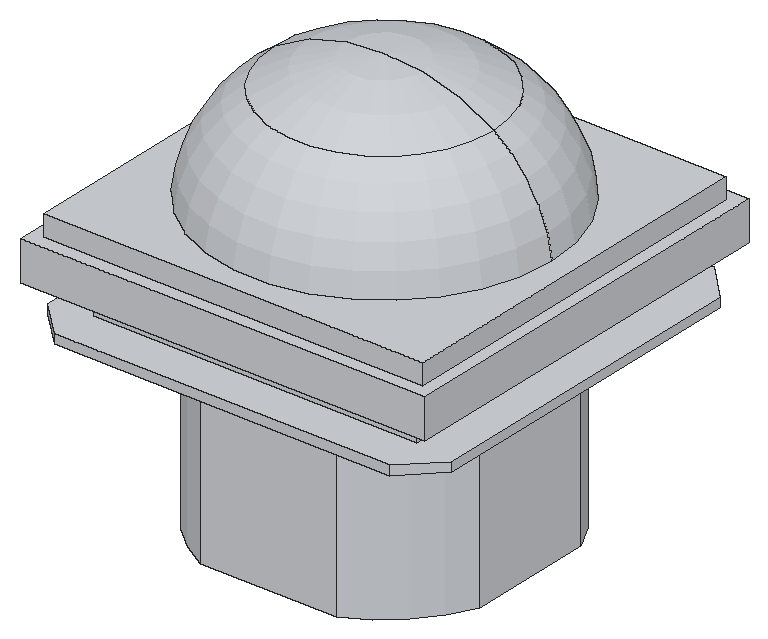
Revit family "Gira_126565", category Electrical Fixtures, host Face, Revit 2017
Family settings
  Host = Face
  Maintain Annotation Orientation = Yes
  Round Connector Dimension = Use Diameter
  Part Type = Normal
  Cut with Voids When Loaded = No
  Shared = No
  Room Calculation Point = No
Parameters (values of type "Farbkamera Türstation Gira TX_44 (WG UP) F Alu")
  Werkstoff = "sonstige"
  URL = "http://katalog.gira.de/de_DE/datenblatt.html?artikelnr=126565"
  Region = "DE"
  Name = "Farbkamera Türstation Gira TX_44 (WG UP) F Alu"
  Montageart = "Einbau"
  Manufacturer URL = "https://www.gira.de/"
  Keynote = "TX44_Komplettgerät_Kamera"
  Installationstechnik = "Bus-System"
  HeinzeBIM = "https://bimportal.heinze.de/bim/farbkamera-tuerstation-gira-tx-44-wg-up-f-alu/9446103d02192e686a8e3b5e2b5bfbfa6e29ccbf"
  HAN = "126565"
  GTIN = "4010337265658"
  Farbe = "silber"
  Default Elevation = 1219.2 mm
  Data sheet (1) = "https://katalog.gira.de/de_DE/download.html?artikelnr=126565"
  Category = "Externe Kamera für Türkommunikation"
  Available = "Yes"
Reference planes
  plane 1 "Center (Front/Back)": y = 0
  plane 2: z = 0
  plane 3 "Center (Left/Right)": x = 0
Forms (mm)
  Revolve 1, solid, detail levels fine
    sketch origin (0, 0, 0) x (1, 0, 0) y (0, 0, 1)
      loop
        arc (0, 32.748) -> (-9.934, 31.444) -> (-19.061, 27.309) r 34.111
        arc (-19.061, 27.309) -> (-26.095, 20.079) -> (-29.256, 10.5) r 22.465
        line (-29.256, 10.5) -> (0, 10.5) -> (0, 32.748)
      axis (0, 32.748) -> (0, 10.5)
    angle from 0 to 360
  Extrusion 2, solid, detail levels fine
    sketch origin (0, 0, 0) x (1, 0, 0) y (0, 1, 0)
      loop
        line (-33.15, 33.15) -> (-33.15, -33.15) -> (33.15, -33.15) -> (33.15, 33.15) -> (-33.15, 33.15)
    from 6.9 to 10.5
  Extrusion 3, solid, detail levels fine
    sketch origin (0, 0, 0) x (1, 0, 0) y (0, 1, 0)
      loop
        line (-35.383, -35.464) -> (35.383, -35.464) -> (35.383, 35.383) -> (-35.383, 35.383) -> (-35.383, -35.464)
    from 0 to 6.9
  Extrusion 4, solid, detail levels fine
    sketch origin (0, 0, 0) x (1, 0, 0) y (0, 1, 0)
      loop
        line (-25.6, 11.011) -> (-25.6, -11.175)
        arc (-25.6, -11.175) -> (-20.039, -19.494) -> (-11.9, -25.317) r 27.9
        line (-11.9, -25.317) -> (11.9, -25.317)
        arc (11.9, -25.317) -> (20.039, -19.494) -> (25.6, -11.175) r 27.9
        line (25.6, -11.175) -> (25.6, 11.011)
        arc (25.6, 11.011) -> (19.903, 19.47) -> (11.547, 25.317) r 27.9
        line (11.547, 25.317) -> (-11.547, 25.317)
        arc (-11.547, 25.317) -> (-19.903, 19.47) -> (-25.6, 11.011) r 27.9
    from -40.35 to -7.55
  Extrusion 5, solid, detail levels fine
    sketch origin (0, 0, 0) x (1, 0, 0) y (0, 1, 0)
      loop
        line (-29.35, 35.268) -> (-35.35, 29.268) -> (-35.35, -29.432) -> (-29.35, -35.432) -> (29.35, -35.432) -> (35.35, -29.432) -> (35.35, 29.268) -> (29.35, 35.268) -> (-29.35, 35.268)
    from -7.55 to -5.95
  Extrusion 6, solid, detail levels medium+fine
    sketch origin (0, 0, 0) x (1, 0, 0) y (0, 1, 0)
      loop
        line (-28.231, 28.231) -> (-28.231, -28.231) -> (28.231, -28.231) -> (28.231, 28.231) -> (-28.231, 28.231)
    from -5.95 to 0
  Extrusion 7, solid, detail levels fine
    sketch origin (0, 0, 0) x (1, 0, 0) y (0, 0, 1)
      loop
        line (-7.147, -40.35) -> (-7.147, -46.05) -> (7.153, -46.05) -> (7.153, -40.35) -> (-7.147, -40.35)
    from -22.856 to -17.807
  Extrusion 8, solid, detail levels medium
    sketch origin (0, 0, 0) x (1, 0, 0) y (0, 1, 0)
      loop
        line (-25.6, -25.317) -> (25.6, -25.317) -> (25.6, 25.317) -> (-25.6, 25.317) -> (-25.6, -25.317)
    from -46.05 to -7.55
  Extrusion 9, solid, detail levels medium
    sketch origin (0, 0, 0) x (1, 0, 0) y (0, 1, 0)
      loop
        line (35.35, 35.268) -> (-35.35, 35.268) -> (-35.35, -35.432) -> (35.35, -35.432) -> (35.35, 35.268)
    from -7.55 to -5.95
  Extrusion 10, solid, detail levels medium
    sketch origin (0, 0, 0) x (1, 0, 0) y (0, 1, 0)
      loop
        line (-35.383, -35.464) -> (35.383, -35.464) -> (35.383, 35.383) -> (-35.383, 35.383) -> (-35.383, -35.464)
    from 0 to 10.5
  Extrusion 11, solid, detail levels medium
    sketch origin (0, 0, 0) x (1, 0, 0) y (0, 1, 0)
      loop
        circle (0, 0) r 29.256
    from 10.5 to 32.8
  Extrusion 12, solid, detail levels coarse
    sketch origin (0, 0, 0) x (1, 0, 0) y (0, 1, 0)
      loop
        line (-35.383, -35.464) -> (35.383, -35.464) -> (35.383, 35.383) -> (-35.383, 35.383) -> (-35.383, -35.464)
    from -46.05 to 32.8
Dimensions and locks
  aligned and locked: plane 2 to host face
  aligned and locked: level to host face
  aligned and locked: plane 3 "Center (Left/Right)" to nested 1
  aligned and locked: plane 1 "Center (Front/Back)" to nested 1
Nested families
  nested 1: "Kamera" at (0, 0, 0), type "Kamera"
Connectors
  electrical at (0, -0.041, -46.05)
    settings: on Extrusion 12, index 1, voltage 220 V, apparent load 0 VA, apparent load phase1 0 VA, apparent load phase2 0 VA, apparent load phase3 0 VA, power factor 1, load classification "Other", number of poles 1, system type 30, power factor state 1, is connector primary yes, connector utility no, sub classification motor no, connector description ""
Definition of nested family "Kamera"
  Reference planes
    plane 1: y = 0
    plane 2: x = 0
  Lines and regions (mm)
    detail lines
      curve 1: line (-2.625, 3, 0) -> (-2.625, 0, 0)
      curve 2: line (-2.625, 0, 0) -> (1.746, 0, 0)
      curve 3: line (-2.625, 3, 0) -> (1.746, 3, 0)
      curve 4: line (-1.736, 2.158, 0) -> (-1.736, 0.828, 0)
      curve 5: line (-1.736, 2.158, 0) -> (1.478, 2.158, 0)
      curve 6: line (-1.736, 0.828, 0) -> (1.478, 0.828, 0)
      curve 7: line (1.746, 3, 0) -> (1.746, 2.3, 0)
      curve 8: line (1.478, 2.158, 0) -> (2.625, 2.768, 0)
      curve 9: line (2.625, 0.218, 0) -> (2.625, 2.768, 0)
      curve 10: line (1.478, 0.828, 0) -> (2.625, 0.218, 0)
      curve 11: line (1.746, 0, 0) -> (1.746, 0.685, 0)
